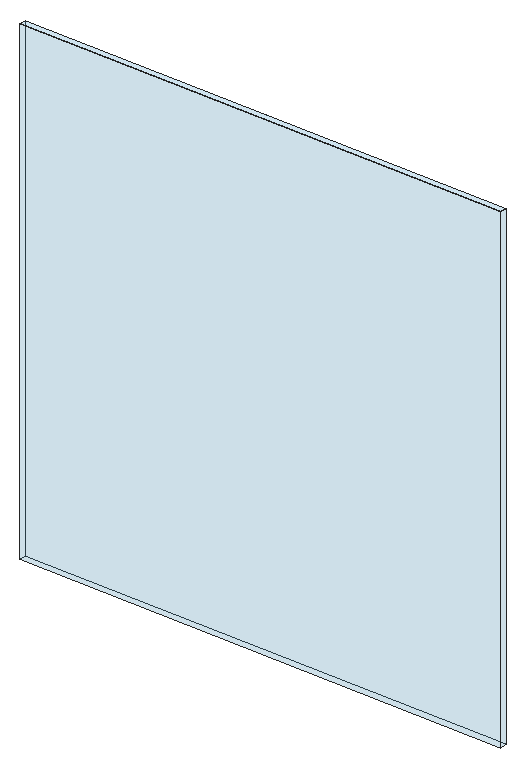
Revit family
Parameters (values of type "72" x 72"")
  Sealant = 0' - 0 3/8"
  Pocket Depth [instance] = 0' - 1"
  Head Height = Sill Height + Rough Height - Sealant  # 8' - 11 5/8"
  Depth [instance] = 0' - 5 1/2"
  Sill Height = 3' - 0"
  Rough Width = 6' - 0"
  Rough Height = 6' - 0"
  Model = "T500B OPG3005"
  Material = ""
  Manufacturer = "Arcadia"
  Sightline = 0' - 3 3/8"
  Height = Rough Height - Sealant - Sealant  # 5' - 11 1/4"
  Wall Closure = (empty or 0)
  Width = Rough Width - Sealant - Sealant  # 5' - 11 1/4"
  Glass Thickness [instance] = 0' - 1"
  Offset to Inside Face of Glass [instance] = 0' - 3 13/16"
  Construction Type = "Aluminum"
  Center of Rough Opening [instance] = Rough Width / 2  # 3' - 0"
  Center of Glass [instance] = Glass Thickness / 2  # 0' - 0 1/2"
  Center Wall to Outside Face [instance] = 0' - 2 7/8"
  Assembly Code = ""
Reference planes (in)
  plane 1 "Center (Front/Back)": y = 0
  plane 2: z = 0
  plane 3 "Center (Left/Right)": x = 12
  plane 4 "Rough Opening Bottom": z = 36
  plane 5 "Rough Opening Top": z = 108
  plane 6 "Exterior Face": y = -2.25
  plane 7 "Frame Top": z = 104.625
  plane 8 "Frame Bottom": z = 39.375
  plane 9 "Rough Opening Left": x = -24
  plane 10 "Rough Opening Right": x = 48
  plane 11 "Frame Left": x = -20.625
  plane 12 "Frame Right": x = 44.625
  plane 13 "Exterior Glass Edge": y = -3.76356
  plane 14 "Interior Glass Edge": y = -4.76356
  plane 15 "Glass Centerline": y = -4.26356
  plane 16 "Frame Outside": y = -3.07606
  plane 17 "Frame Inside": y = -8.57606
  plane 18: z = 105.625
  plane 19: z = 38.375
  plane 20: x = 45.625
  plane 21: x = -21.625
  plane 22: x = 47.625
  plane 23: x = -23.625
  plane 24: z = 107.625
  plane 25: z = 36.375
Forms (in)
  Extrusion 1, solid, material "Anodize Arcadia AC2 Clear #11", detail levels coarse
    sketch origin (0, 0, 36) x (0, -1, 0) y (1, 0, 0)
      loop
        line (3.07606, -24) -> (8.57606, -24) -> (8.57606, -20.625) -> (4.76356, -20.625) -> (4.76356, -21.625) -> (3.76356, -21.625) -> (3.76356, -20.625) -> (3.07606, -20.625) -> (3.07606, -24)
    from 0 to 72 <- "Rough Height"
  Extrusion 2, solid, material "Anodize Arcadia AC2 Clear #11", detail levels coarse
    sketch origin (0, 0, 36) x (0, -1, 0) y (1, 0, 0)
      loop
        line (3.07606, 44.625) -> (3.76356, 44.625) -> (3.76356, 45.625) -> (4.76356, 45.625) -> (4.76356, 44.625) -> (8.57606, 44.625) -> (8.57606, 48) -> (3.07606, 48) -> (3.07606, 44.625)
    from 0 to 72 <- "Rough Height"
  Extrusion 3, solid, material "Glass"
    sketch origin (-0.5, 0, 36) x (0, -1, 0) y (1, 0, 0)
      loop
        line (3.76356, -21.125) -> (4.76356, -21.125) -> (4.76356, 46.125) -> (3.76356, 46.125) -> (3.76356, -21.125)
    from 2.375 to 69.625
  Extrusion 4, solid, material "Anodize Arcadia AC2 Clear #11", detail levels coarse
    sketch origin (-24, 0, 0) x (0, 1, 0) y (0, 0, 1)
      loop
        line (-8.57606, 108) -> (-8.57606, 104.625) -> (-4.76356, 104.625) -> (-4.76356, 105.625) -> (-3.76356, 105.625) -> (-3.76356, 104.625) -> (-3.07606, 104.625) -> (-3.07606, 108) -> (-8.57606, 108)
    from 0 to 72 <- "Rough Width"
  Extrusion 5, solid, material "Anodize Arcadia AC2 Clear #11", detail levels coarse
    sketch origin (-24, 0, 0) x (0, 1, 0) y (0, 0, 1)
      loop
        line (-3.07606, 39.375) -> (-3.76356, 39.375) -> (-3.76356, 38.375) -> (-4.76356, 38.375) -> (-4.76356, 39.375) -> (-8.57606, 39.375) -> (-8.57606, 36) -> (-3.07606, 36) -> (-3.07606, 39.375)
    from 0 to 72 <- "Rough Width"
  Extrusion 6, void
    sketch origin (0, 0, 36) x (0, -1, 0) y (1, 0, 0)
      loop
        line (2.25, -24) -> (10.25, -24) -> (10.25, 48) -> (2.25, 48) -> (2.25, -24)
    from 0 to 72 <- "Rough Height"
Lines and regions (in)
  symbolic lines, detail levels coarse
    curve 1: line (-24, -3.07606, 0) -> (-20.625, -3.07606, 0)
    curve 2: line (-20.625, -3.07606, 0) -> (-20.625, -3.76356, 0)
    curve 3: line (45.625, -3.76356, 0) -> (-21.625, -3.76356, 0)
    curve 4: line (-21.625, -3.76356, 0) -> (-21.625, -4.76356, 0)
    curve 5: line (-21.625, -4.76356, 0) -> (45.625, -4.76356, 0)
    curve 6: line (-20.625, -4.76356, 0) -> (-20.625, -8.57606, 0)
    curve 7: line (-20.625, -8.57606, 0) -> (-24, -8.57606, 0)
    curve 8: line (-24, -8.57606, 0) -> (-24, -3.07606, 0)
    curve 9: line (48, -3.07606, 0) -> (44.625, -3.07606, 0)
    curve 10: line (44.625, -3.07606, 0) -> (44.625, -3.76356, 0)
    curve 11: line (45.625, -3.76356, 0) -> (45.625, -4.76356, 0)
    curve 12: line (44.625, -4.76356, 0) -> (44.625, -8.57606, 0)
    curve 13: line (44.625, -8.57606, 0) -> (48, -8.57606, 0)
    curve 14: line (48, -8.57606, 0) -> (48, -3.07606, 0)
Text (in)
  text "EXTERIOR" at (-58.6888, 50.90694, 0), in view "Ref. Level"
  text "INTERIOR" at (-58.6888, -37.76638, 0), in view "Ref. Level"
  text "Exterior" at (0, 43.65631, 123.19604), in view "Left"
  text "Exterior" at (0, 18.29385, 125.04747), in view "Right"
Dimensions and locks (in)
  "Rough Height": plane 4 "Rough Opening Bottom" to plane 5 "Rough Opening Top"
  "Sill Height": plane 2 to plane 4 "Rough Opening Bottom"
  "Sightline": plane 7 "Frame Top" to plane 5 "Rough Opening Top"
  "Sightline": plane 4 "Rough Opening Bottom" to plane 8 "Frame Bottom"
  "Rough Width": plane 9 "Rough Opening Left" to plane 10 "Rough Opening Right"
  "Sightline": plane 9 "Rough Opening Left" to plane 11 "Frame Left"
  "Sightline": plane 12 "Frame Right" to plane 10 "Rough Opening Right"
  "Depth": plane 17 "Frame Inside" to plane 16 "Frame Outside"
  "Glass Thickness": plane 13 "Exterior Glass Edge" to plane 14 "Interior Glass Edge"
  "Center of Glass": plane 15 "Glass Centerline" to plane 14 "Interior Glass Edge"
  "Center of Rough Opening": plane 9 "Rough Opening Left" to plane 3 "Center (Left/Right)"
  "Offset to Inside Face of Glass": plane 17 "Frame Inside" to plane 14 "Interior Glass Edge"
  "Pocket Depth": plane 12 "Frame Right" to plane 20
  "Pocket Depth": plane 21 to plane 11 "Frame Left"
  "Pocket Depth": plane 7 "Frame Top" to plane 18
  "Pocket Depth": plane 19 to plane 8 "Frame Bottom"
  "Sealant": plane 22 to plane 10 "Rough Opening Right"
  "Sealant": plane 9 "Rough Opening Left" to plane 23
  "Sealant": plane 24 to plane 5 "Rough Opening Top"
  "Sealant": plane 4 "Rough Opening Bottom" to plane 25
  aligned and locked: plane 6 "Exterior Face" to host wall
  aligned and locked: Extrusion 1 sketch curve to plane 17 "Frame Inside"
  aligned and locked: plane 16 "Frame Outside" to Extrusion 1 sketch curve
  aligned and locked: Extrusion 1 sketch curve to plane 11 "Frame Left"
  aligned and locked: plane 9 "Rough Opening Left" to Extrusion 1 sketch curve
  aligned and locked: plane 12 "Frame Right" to Extrusion 2 sketch curve
  aligned and locked: Extrusion 2 sketch curve to plane 10 "Rough Opening Right"
  aligned and locked: Extrusion 2 sketch curve to plane 17 "Frame Inside"
  aligned and locked: plane 16 "Frame Outside" to Extrusion 2 sketch curve
  aligned and locked: Extrusion 3 sketch curve to plane 13 "Exterior Glass Edge"
  aligned and locked: plane 14 "Interior Glass Edge" to Extrusion 3 sketch curve
  aligned and locked: plane 5 "Rough Opening Top" to Extrusion 4 sketch curve
  aligned and locked: Extrusion 4 sketch curve to plane 7 "Frame Top"
  aligned and locked: Extrusion 4 sketch curve to plane 17 "Frame Inside"
  aligned and locked: plane 16 "Frame Outside" to Extrusion 4 sketch curve
  aligned and locked: Extrusion 5 sketch curve to plane 4 "Rough Opening Bottom"
  aligned and locked: plane 8 "Frame Bottom" to Extrusion 5 sketch curve
  aligned and locked: Extrusion 5 sketch curve to plane 17 "Frame Inside"
  aligned and locked: plane 16 "Frame Outside" to Extrusion 5 sketch curve
  aligned and locked: plane 4 "Rough Opening Bottom" to nested 3
  aligned and locked: nested 2 to plane 5 "Rough Opening Top"
  aligned and locked: plane 19 to Extrusion 3
  aligned and locked: Extrusion 3 to plane 18
  aligned and locked: plane 17 "Frame Inside" to nested 3
  aligned and locked: nested 1 to plane 16 "Frame Outside"
  aligned and locked: plane 10 "Rough Opening Right" to nested 1
  aligned and locked: nested 4 to plane 9 "Rough Opening Left"
  aligned and locked: plane 17 "Frame Inside" to nested 4
  aligned and locked: plane 13 "Exterior Glass Edge" to Extrusion 5 sketch curve
  aligned and locked: Extrusion 5 sketch curve to plane 14 "Interior Glass Edge"
  aligned and locked: plane 19 to Extrusion 5 sketch curve
  aligned and locked: Extrusion 4 sketch curve to plane 13 "Exterior Glass Edge"
  aligned and locked: plane 18 to Extrusion 4 sketch curve
  aligned and locked: plane 14 "Interior Glass Edge" to Extrusion 4 sketch curve
  aligned and locked: plane 14 "Interior Glass Edge" to Extrusion 2 sketch curve
  aligned and locked: Extrusion 2 sketch curve to plane 20
  aligned and locked: Extrusion 2 sketch curve to plane 13 "Exterior Glass Edge"
  aligned and locked: Extrusion 1 sketch curve to plane 14 "Interior Glass Edge"
  aligned and locked: Extrusion 1 sketch curve to plane 21
  aligned and locked: plane 13 "Exterior Glass Edge" to Extrusion 1 sketch curve
  aligned and locked: plane 16 "Frame Outside" to curve 1
  aligned and locked: plane 9 "Rough Opening Left" to curve 8
  aligned and locked: curve 2 to plane 11 "Frame Left"
  aligned and locked: curve 6 to plane 11 "Frame Left"
  aligned and locked: curve 4 to plane 21
  aligned and locked: curve 7 to plane 17 "Frame Inside"
  aligned and locked: curve 5 to plane 14 "Interior Glass Edge"
  aligned and locked: plane 13 "Exterior Glass Edge" to curve 3
  aligned and locked: curve 10 to plane 12 "Frame Right"
  aligned and locked: curve 12 to plane 12 "Frame Right"
  aligned and locked: curve 11 to plane 20
  aligned and locked: plane 10 "Rough Opening Right" to curve 14
  aligned and locked: curve 9 to plane 16 "Frame Outside"
  aligned and locked: plane 17 "Frame Inside" to curve 13
  aligned and locked: nested 2 to plane 16 "Frame Outside"
  aligned and locked: level to plane 2
  aligned and locked: plane 9 "Rough Opening Left" to Extrusion 6 sketch curve
  aligned and locked: plane 6 "Exterior Face" to Extrusion 6 sketch curve
  aligned and locked: host wall to Extrusion 6 sketch curve
  aligned and locked: plane 10 "Rough Opening Right" to Extrusion 6 sketch curve
  aligned and locked: plane 9 "Rough Opening Left" to import instance
  aligned and locked: import instance to plane 16 "Frame Outside"
  aligned and locked: plane 10 "Rough Opening Right" to import instance
  aligned and locked: plane 16 "Frame Outside" to import instance
  aligned and locked: plane 17 "Frame Inside" to import instance
  aligned and locked: plane 5 "Rough Opening Top" to import instance
  aligned and locked: import instance to plane 17 "Frame Inside"
  aligned and locked: import instance to plane 4 "Rough Opening Bottom"
Automatic sketch dimensions
  Extrusion 3 sketch curve to plane 21 = 0' - 0"
  Extrusion 3 sketch curve to plane 20 = 0' - 0"
  Extrusion 5 sketch curve to plane 8 "Frame Bottom" = 0' - 0"
  Extrusion 4 sketch curve to plane 7 "Frame Top" = 0' - 0"
  Extrusion 2 sketch curve to plane 12 "Frame Right" = 0' - 0"
  Extrusion 1 sketch curve to plane 11 "Frame Left" = 0' - 0"
Nested families (in)
  nested 1: "Window-Arcadia-T500B-OPG3005-Med-Jamb-R" at (46.9375, -4.26356, 0) x (-1, 0, 0) z (0, 0, 1), type "Window-Arcadia-T500B-OPG3005-Med-Jamb-R", detail levels medium
    with Sightline 0' - 3 3/8", Pocket Depth 0' - 1", Offset to Inside Face of Glass 0' - 3 13/16", Glass Width 0' - 1", Frame Wall Thickness 0' - 0 3/32", Depth 0' - 5 1/2", Center of Glass 0' - 0 1/2"
  nested 2: "Window-Arcadia-T500B-OPG3005-Med-Head" at (33.875, -4.26356, 108) x (0, -1, 0) z (1, 0, 0), type "Window-Arcadia-T500B-OPG3005-Med-Head", detail levels medium
    with Sightline 0' - 3 3/8", Pocket Depth 0' - 1", Offset to Inside Face of Glass 0' - 3 13/16", Glass Width 0' - 1", Frame Wall Thickness 0' - 0 3/32", Depth 0' - 5 1/2", Center of Glass 0' - 0 1/2"
  nested 3: "Window-Arcadia-T500BOPG3005-Med-Sill" at (33.875, -4.26356, 36) x (0, -1, 0) z (1, 0, 0), type "Window-Arcadia-T500BOPG3005-Med-Sill", detail levels medium
    with Sightline 0' - 3 3/8", Pocket Depth 0' - 1", Offset to Inside Face of Glass 0' - 3 13/16", Glass Width 0' - 1", Frame Wall Thickness 0' - 0 3/32", Depth 0' - 5 1/2", Center of Glass 0' - 0 1/2"
  nested 4: "Window-ArcadiaT500B-OPG3005-Med-Jamb-L" at (-22.9375, -4.26356, 0) x (-1, 0, 0) z (0, 0, 1), type "Window-Arcadia-T500B-OPG3005-Med-Jamb-L", detail levels medium
    with Sightline 0' - 3 3/8", Pocket Depth 0' - 1", Offset to Inside Face of Glass 0' - 3 13/16", Glass Width 0' - 1", Frame Wall Thickness 0' - 0 3/32", Depth 0' - 5 1/2", Center of Glass 0' - 0 1/2"
Definition of nested family "Window-Arcadia-T500B-OPG3005-Med-Jamb-R"
  Parameters (values of type "Window-Arcadia-TC670-Med-Jamb-R")
    Depth [instance] = 0' - 6"
    Pocket Depth [instance] = 0' - 0 3/4"
    Offset to Inside Face of Glass [instance] = 0' - 4"
    Glass Width [instance] = 0' - 1"
    Sightline [instance] = 0' - 2 5/8"
    Center of Glass [instance] = Glass Width / 2  # 0' - 0 1/2"
    Frame Wall Thickness [instance] = 0' - 0 3/32"
    Assembly Code = ""
  Reference planes (in)
    plane 1 "Center (Front/Back)": y = 0
    plane 2: z = 0
    plane 3: x = 1.5625
    plane 4 "back": x = -1.0625
    plane 5: y = 4.5
    plane 6: y = -1.5
    plane 7 "Inside Face of Glass": y = 0.5
    plane 8: y = -0.5
    plane 9: x = 0.8125
  Lines and regions (in)
    detail lines, in view "Ref. Level", detail levels medium
      curve 1: line (-1.0625, 4.5, 0) -> (-1.0625, -1.5, 0)
      curve 2: line (-1.0625, -1.5, 0) -> (1.5625, -1.5, 0)
      curve 3: line (1.5625, -1.5, 0) -> (1.5625, -0.5, 0)
      curve 4: line (1.5625, -0.5, 0) -> (0.8125, -0.5, 0)
      curve 5: line (0.8125, -0.5, 0) -> (0.8125, 0.5, 0)
      curve 6: line (0.8125, 0.5, 0) -> (1.5625, 0.5, 0)
      curve 7: line (1.5625, 0.5, 0) -> (1.5625, 4.5, 0)
      curve 8: line (1.5625, 4.5, 0) -> (-1.0625, 4.5, 0)
      curve 9: line (1.46875, 4.40625, 0) -> (-0.96875, 4.40625, 0)
      curve 10: line (-0.96875, 4.40625, 0) -> (-0.96875, -1.40625, 0)
      curve 11: line (-0.96875, -1.40625, 0) -> (1.46875, -1.40625, 0)
      curve 12: line (1.46875, -1.40625, 0) -> (1.46875, -0.59375, 0)
      curve 13: line (1.46875, -0.59375, 0) -> (0.71875, -0.59375, 0)
      curve 14: line (0.71875, -0.59375, 0) -> (0.71875, 0.59375, 0)
      curve 15: line (0.71875, 0.59375, 0) -> (1.46875, 0.59375, 0)
      curve 16: line (1.46875, 0.59375, 0) -> (1.46875, 4.40625, 0)
      curve 17: line (1.5625, 4.5, 0) -> (-1.0625, 4.5, 0)
      curve 18: line (-1.0625, 4.40625, 0) -> (-1.0625, -1.5, 0)
  Dimensions and locks (in)
    "Sightline": plane 4 "back" to plane 3
    "Depth": plane 5 to plane 6
    "Center of Glass": plane 1 "Center (Front/Back)" to plane 7 "Inside Face of Glass"
    "Glass Width": plane 8 to plane 7 "Inside Face of Glass"
    "Pocket Depth": plane 9 to plane 3
    "Offset to Inside Face of Glass": plane 5 to plane 7 "Inside Face of Glass"
    "Frame Wall Thickness": plane 5 to curve 9
    "Frame Wall Thickness": plane 4 "back" to curve 10
    "Frame Wall Thickness": curve 11 to plane 6
    "Frame Wall Thickness": curve 12 to plane 3
    "Frame Wall Thickness": curve 13 to plane 8
    "Frame Wall Thickness": plane 7 "Inside Face of Glass" to curve 15
    "Frame Wall Thickness": curve 14 to plane 9
    "Frame Wall Thickness": curve 16 to plane 3
    aligned and locked: plane 5 to curve 8
    aligned and locked: curve 1 to plane 4 "back"
    aligned and locked: curve 2 to plane 6
    aligned and locked: plane 3 to curve 3
    aligned and locked: curve 4 to plane 8
    aligned and locked: plane 9 to curve 5
    aligned and locked: plane 7 "Inside Face of Glass" to curve 6
    aligned and locked: plane 3 to curve 7
  Automatic sketch dimensions
    curve 18 to curve 9 = 0' - 0"
Definition of nested family "Window-Arcadia-T500B-OPG3005-Med-Head"
  Parameters (values of type "Window-Arcadia-A400-Med-Head")
    Depth [instance] = 0' - 6"
    Pocket Depth [instance] = 0' - 0 1/2"
    Offset to Inside Face of Glass [instance] = 0' - 4"
    Glass Width [instance] = 0' - 1"
    Sightline [instance] = 0' - 2 5/8"
    Center of Glass [instance] = Glass Width / 2  # 0' - 0 1/2"
    Frame Wall Thickness [instance] = 0' - 0 3/32"
    Assembly Code = ""
  Reference planes (in)
    plane 1 "Center (Front/Back)": y = 0
    plane 2: z = 0
    plane 3 "Center (Left/Right)": x = 0
    plane 4: x = -0.5
    plane 5 "Inside Face of Glass": x = 0.5
    plane 6: y = -2.625
    plane 7: x = 4.5
    plane 8: x = -1.5
    plane 9: y = -2.125
  Lines and regions (in)
    detail lines, in view "Ref. Level", detail levels medium
      curve 1: line (-1.5, 0, 0) -> (-1.5, -2.625, 0)
      curve 2: line (-1.5, -2.625, 0) -> (-0.5, -2.625, 0)
      curve 3: line (-0.5, -2.625, 0) -> (-0.5, -2.125, 0)
      curve 4: line (-0.5, -2.125, 0) -> (0.5, -2.125, 0)
      curve 5: line (0.5, -2.125, 0) -> (0.5, -2.625, 0)
      curve 6: line (0.5, -2.625, 0) -> (4.5, -2.625, 0)
      curve 7: line (4.5, -2.625, 0) -> (4.5, 0, 0)
      curve 8: line (4.5, 0, 0) -> (-1.5, 0, 0)
      curve 9: line (-1.40625, -0.09375, 0) -> (-1.40625, -2.53125, 0)
      curve 10: line (4.40625, -0.09375, 0) -> (-1.40625, -0.09375, 0)
      curve 11: line (4.40625, -2.53125, 0) -> (4.40625, -0.09375, 0)
      curve 12: line (0.59375, -2.53125, 0) -> (4.40625, -2.53125, 0)
      curve 13: line (-1.40625, -2.53125, 0) -> (-0.59375, -2.53125, 0)
      curve 14: line (-0.59375, -2.53125, 0) -> (-0.59375, -2.03125, 0)
      curve 15: line (-0.59375, -2.03125, 0) -> (0.59375, -2.03125, 0)
      curve 16: line (0.59375, -2.03125, 0) -> (0.59375, -2.53125, 0)
  Dimensions and locks (in)
    "Sightline": plane 6 to plane 1 "Center (Front/Back)"
    "Depth": plane 8 to plane 7
    "Pocket Depth": plane 6 to plane 9
    "Offset to Inside Face of Glass": plane 5 "Inside Face of Glass" to plane 7
    "Glass Width": plane 4 to plane 5 "Inside Face of Glass"
    "Center of Glass": plane 3 "Center (Left/Right)" to plane 5 "Inside Face of Glass"
    "Frame Wall Thickness": plane 8 to curve 9
    "Frame Wall Thickness": curve 10 to plane 1 "Center (Front/Back)"
    "Frame Wall Thickness": curve 11 to plane 7
    "Frame Wall Thickness": plane 6 to curve 12
    "Frame Wall Thickness": plane 6 to curve 13
    "Frame Wall Thickness": plane 9 to curve 15
    "Frame Wall Thickness": plane 5 "Inside Face of Glass" to curve 16
    "Frame Wall Thickness": curve 14 to plane 4
    aligned and locked: curve 8 to plane 1 "Center (Front/Back)"
    aligned and locked: plane 7 to curve 7
    aligned and locked: curve 1 to plane 8
    aligned and locked: plane 9 to curve 4
    aligned and locked: plane 4 to curve 3
    aligned and locked: plane 6 to curve 2
    aligned and locked: plane 6 to curve 6
  Automatic sketch dimensions
    curve 5 to plane 5 "Inside Face of Glass" = 0' - 0"
Definition of nested family "Window-Arcadia-T500BOPG3005-Med-Sill"
  Parameters (values of type "Window-Arcadia-A400-Med-Sill")
    Depth [instance] = 0' - 6"
    Pocket Depth [instance] = 0' - 0 1/2"
    Offset to Inside Face of Glass [instance] = 0' - 4"
    Glass Width [instance] = 0' - 1"
    Sightline [instance] = 0' - 2 5/8"
    Center of Glass [instance] = Glass Width / 2  # 0' - 0 1/2"
    Frame Wall Thickness [instance] = 0' - 0 3/32"
    Assembly Code = ""
  Reference planes (in)
    plane 1 "Center (Front/Back)": y = 0
    plane 2: z = 0
    plane 3 "Center (Left/Right)": x = 0
    plane 4: x = -0.5
    plane 5 "Inside Face of Glass": x = 0.5
    plane 6: y = 2.625
    plane 7: x = 4.5
    plane 8: x = -1.5
    plane 9: y = 2.125
  Lines and regions (in)
    detail lines, in view "Ref. Level", detail levels medium
      curve 1: line (-1.5, 2.625, 0) -> (-1.5, 0, 0)
      curve 2: line (-1.5, 0, 0) -> (4.5, 0, 0)
      curve 3: line (4.5, 0, 0) -> (4.5, 2.625, 0)
      curve 4: line (4.5, 2.625, 0) -> (0.5, 2.625, 0)
      curve 5: line (0.5, 2.625, 0) -> (0.5, 2.125, 0)
      curve 6: line (0.5, 2.125, 0) -> (-0.5, 2.125, 0)
      curve 7: line (-0.5, 2.125, 0) -> (-0.5, 2.625, 0)
      curve 8: line (-0.5, 2.625, 0) -> (-1.5, 2.625, 0)
      curve 9: line (-0.59375, 2.53125, 0) -> (-1.40625, 2.53125, 0)
      curve 10: line (-1.40625, 2.53125, 0) -> (-1.40625, 0.09375, 0)
      curve 11: line (-1.40625, 0.09375, 0) -> (4.40625, 0.09375, 0)
      curve 12: line (4.40625, 0.09375, 0) -> (4.40625, 2.53125, 0)
      curve 13: line (4.40625, 2.53125, 0) -> (0.59375, 2.53125, 0)
      curve 14: line (0.59375, 2.53125, 0) -> (0.59375, 2.03125, 0)
      curve 15: line (0.59375, 2.03125, 0) -> (-0.59375, 2.03125, 0)
      curve 16: line (-0.59375, 2.03125, 0) -> (-0.59375, 2.53125, 0)
  Dimensions and locks (in)
    "Pocket Depth": plane 9 to plane 6
    "Sightline": plane 1 "Center (Front/Back)" to plane 6
    "Depth": plane 8 to plane 7
    "Offset to Inside Face of Glass": plane 5 "Inside Face of Glass" to plane 7
    "Glass Width": plane 4 to plane 5 "Inside Face of Glass"
    "Center of Glass": plane 3 "Center (Left/Right)" to plane 5 "Inside Face of Glass"
    "Frame Wall Thickness": curve 9 to plane 6
    "Frame Wall Thickness": plane 8 to curve 10
    "Frame Wall Thickness": plane 1 "Center (Front/Back)" to curve 11
    "Frame Wall Thickness": curve 12 to plane 7
    "Frame Wall Thickness": curve 13 to plane 6
    "Frame Wall Thickness": plane 5 "Inside Face of Glass" to curve 14
    "Frame Wall Thickness": curve 15 to plane 9
    "Frame Wall Thickness": curve 16 to plane 4
    aligned and locked: plane 1 "Center (Front/Back)" to curve 2
    aligned and locked: plane 7 to curve 3
    aligned and locked: curve 1 to plane 8
    aligned and locked: curve 8 to plane 6
    aligned and locked: curve 4 to plane 6
    aligned and locked: curve 6 to plane 9
    aligned and locked: curve 5 to plane 5 "Inside Face of Glass"
    aligned and locked: plane 4 to curve 7
  Automatic sketch dimensions
    curve 7 to plane 9 = 0' - 0"
Definition of nested family "Window-ArcadiaT500B-OPG3005-Med-Jamb-L"
  Parameters (values of type "Window-Arcadia-TC670-Med-Jamb-L")
    Depth [instance] = 0' - 6"
    Pocket Depth [instance] = 0' - 0 1/2"
    Offset to Inside Face of Glass [instance] = 0' - 4"
    Glass Width [instance] = 0' - 1"
    Sightline [instance] = 0' - 2 1/8"
    Center of Glass [instance] = Glass Width / 2  # 0' - 0 1/2"
    Frame Wall Thickness [instance] = 0' - 0 3/32"
    Assembly Code = ""
  Reference planes (in)
    plane 1 "Center (Front/Back)": y = 0
    plane 2: z = 0
    plane 3 "BACK": x = 1.0625
    plane 4 "FRONT": x = -1.0625
    plane 5: y = 1.5
    plane 6: y = -4.5
    plane 7 "Inside Face of Glass": y = 0.5
    plane 8: y = -0.5
    plane 9: x = -0.5625
  Lines and regions (in)
    detail lines, in view "Ref. Level", detail levels medium
      curve 1: line (1.0625, 1.5, 0) -> (1.0625, -4.5, 0)
      curve 2: line (1.0625, -4.5, 0) -> (-1.0625, -4.5, 0)
      curve 3: line (-1.0625, -4.5, 0) -> (-1.0625, -0.5, 0)
      curve 4: line (-1.0625, -0.5, 0) -> (-0.5625, -0.5, 0)
      curve 5: line (-0.5625, -0.5, 0) -> (-0.5625, 0.5, 0)
      curve 6: line (-0.5625, 0.5, 0) -> (-1.0625, 0.5, 0)
      curve 7: line (-1.0625, 0.5, 0) -> (-1.0625, 1.5, 0)
      curve 8: line (-1.0625, 1.5, 0) -> (1.0625, 1.5, 0)
      curve 9: line (-0.96875, 1.40625, 0) -> (0.96875, 1.40625, 0)
      curve 10: line (-0.96875, 0.59375, 0) -> (-0.96875, 1.40625, 0)
      curve 11: line (-0.46875, 0.59375, 0) -> (-0.96875, 0.59375, 0)
      curve 12: line (-0.46875, -0.59375, 0) -> (-0.46875, 0.59375, 0)
      curve 13: line (-0.96875, -0.59375, 0) -> (-0.46875, -0.59375, 0)
      curve 14: line (-0.96875, -4.40625, 0) -> (-0.96875, -0.59375, 0)
      curve 15: line (0.96875, -4.40625, 0) -> (-0.96875, -4.40625, 0)
      curve 16: line (0.96875, 1.40625, 0) -> (0.96875, -4.40625, 0)
  Dimensions and locks (in)
    "Depth": plane 5 to plane 6
    "Pocket Depth": plane 4 "FRONT" to plane 9
    "Sightline": plane 4 "FRONT" to plane 3 "BACK"
    "Glass Width": plane 8 to plane 7 "Inside Face of Glass"
    "Center of Glass": plane 1 "Center (Front/Back)" to plane 7 "Inside Face of Glass"
    "Frame Wall Thickness": plane 4 "FRONT" to curve 10
    "Frame Wall Thickness": plane 5 to curve 9
    "Frame Wall Thickness": curve 15 to plane 6
    "Frame Wall Thickness": curve 13 to plane 8
    "Frame Wall Thickness": plane 9 to curve 12
    "Frame Wall Thickness": plane 7 "Inside Face of Glass" to curve 11
    "Frame Wall Thickness": plane 4 "FRONT" to curve 14
    "Offset to Inside Face of Glass": plane 6 to plane 8
    aligned and locked: curve 8 to plane 5
    aligned and locked: curve 1 to plane 3 "BACK"
    aligned and locked: plane 6 to curve 2
    aligned and locked: curve 3 to plane 4 "FRONT"
    aligned and locked: plane 8 to curve 4
    aligned and locked: plane 9 to curve 5
    aligned and locked: curve 6 to plane 7 "Inside Face of Glass"
    aligned and locked: plane 4 "FRONT" to curve 7
  Automatic sketch dimensions
    curve 16 to plane 3 "BACK" = 0' - 0 3/32"
